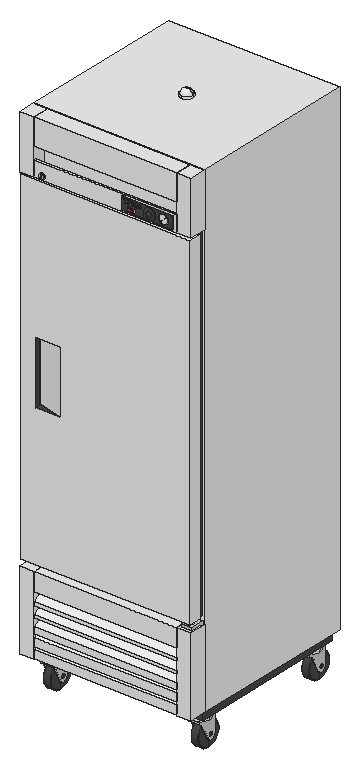
Revit family
Parameters
  Weight = "260 lbs."
  Watts = Volts * FL Amps  # 897 W
  Volts = 115 V
  URL Manufacturer = "www.truemfg.com"
  URL Cutsheet = "www.truemfg.com"
  URL = "www.truemfg.com"
  Type Mark [instance] = ""
  Type Comments = "www.truemfg.com"
  Status [instance] = ""
  Specification by User [instance] = ""
  Specification by Manufacturer = ""
  Show Seismic Flanged [instance] = no
  Show Logo [instance] = yes
  Show Legs [instance] = no
  Show Clearance [instance] = yes
  Show Casters [instance] = and(not(Show Legs), not(Show Seismic Flanged))  # yes
  Serial Number = ""
  Seismic Rating = ""
  Seismic Plate [instance] = and(Show Seismic Flanged, not(Show Casters))  # no
  SMACNA No = ""
  Revision Code [instance] = ""
  Phase = 1
  Omniclass Number and Title = ""
  Number of Poles [instance] = 1
  NAFEM Spec ID Number = ""
  Model = "TH-23"
  Min Ckt Ampacity = 7.8 A
  Max Overcurrent Protection = 10 A
  MasterSpec. = ""
  Manufacturer = "TRUE FOOD SERVICE EQUIPMENT, INC."
  Legs [instance] = or(Show Legs, Show Seismic Flanged)  # no
  Item Number [instance] = ""
  Installed By [instance] = ""
  Identify Quantity as Lot [instance] = yes
  HP = ""
  Furnished By [instance] = ""
  Foodservice Equipment Identifier [instance] = yes
  FL Amps = 7.8 A
  Electrical Remarks [instance] = ""
  Electric Connection Type [instance] = ""
  Elec Conn RI Height [instance] = 0"
  Elec Conn Connection Height [instance] = 0"
  Description = "Reach-In Solid Swing Door Heated Cabinet"
  Cycle = 60 Hz
  Conn Plug NEMA = "NEMA-5-15P"
  Conn Conduit = yes
  CSI MasterFormat = ""
  CSI Master Format = ""
  Body Finish = QF_Finishes_Stainless Steel
  Base Height [instance] = if(Show Casters, 5", 6")  # 5"
  Apparent Power = if(Phase = 3, Volts * FL Amps * 1.73, Volts * FL Amps)  # 897 VA
Reference planes (in)
  plane 1 "BACK": y = 0
  plane 2: z = 0
  plane 3 "LEFT": x = 0
  plane 4 "RIGHT": x = 27
  plane 5 "FRONT": y = -29.5
  plane 6 "Top": z = 83.3125
  plane 7: z = 5
Forms (in)
  Revolve 1, solid, material "QF_Finishes_Black", visible <- "Show Casters"
    sketch origin (-0.14406, -24.48472, -1) x (1, 0, 0) y (0, 0, 1)
      loop
        line (2.62908, 4.89592) -> (2.525, 5) -> (1.475, 5) -> (1.375, 4.9) -> (1.375, 3.25) -> (1.05969, 3.25) -> (1.05969, 3) -> (2.94031, 3) -> (2.94031, 3.25) -> (2.62908, 3.25) -> (2.62908, 4.89592)
      axis (2.94031, 3) -> (1.05969, 3)
    angle from 0 to 360
  Revolve 2, solid, material "QF_Finishes_Black", visible <- "Show Casters"
    sketch origin (-0.14406, -2.56916, -1.70457) x (1, 0, 0) y (0, 0, 1)
      loop
        line (2.62908, 5.6005) -> (2.525, 5.70457) -> (1.475, 5.70457) -> (1.375, 5.60457) -> (1.375, 3.95457) -> (1.05969, 3.95457) -> (1.05969, 3.70457) -> (2.94031, 3.70457) -> (2.94031, 3.95457) -> (2.62908, 3.95457) -> (2.62908, 5.6005)
      axis (2.94031, 3.70457) -> (1.05969, 3.70457)
    angle from 0 to 360
  Revolve 3, solid, material "QF_Finishes_Chrome - Satin", visible <- "Show Casters"
    sketch origin (-0.14203, -25.23418, -2.97972) x (1, 0, 0) y (0, 0, 1)
      loop
        line (2, 7.47972) -> (2, 7.97972) -> (0.70293, 7.97972) -> (0.70293, 7.47972) -> (2, 7.47972)
      axis (2, 7.47972) -> (2, 7.97972)
    angle from 0 to 360
  Extrusion 4, solid, material "QF_Finishes_Handrails and Railings", visible <- "Show Casters"
    sketch origin (-47.92328, 8.23261, -2.74546) x (0, 1, 0) y (0, 0, 1)
      loop
        line (-34.85761, 7.24546) -> (-34.85761, 6.89061) -> (-31.89075, 6.89061) -> (-31.89075, 7.24546) -> (-34.85761, 7.24546)
    from 49.10625 to 50.45625
  Extrusion 5, solid, material "QF_Finishes_Handrails and Railings", visible <- "Show Casters"
    sketch origin (-0.14203, 9.88886, -2.21999) x (0, 1, 0) y (0, 0, 1)
      loop
        line (-36.51386, 6.71999) -> (-36.51386, 6.36514) -> (-36.13864, 6.36514) -> (-34.8897, 3.6891)
        arc (-34.8897, 3.6891) -> (-34.09722, 3.33917) -> (-33.547, 4.0083) r 0.71647
        line (-33.547, 4.0083) -> (-33.547, 6.71999) -> (-36.51386, 6.71999)
    from 1.175 to 1.325
  Extrusion 6, solid, material "QF_Finishes_Handrails and Railings", visible <- "Show Casters"
    sketch origin (3.85797, 9.88886, -2.21999) x (0, 1, 0) y (0, 0, -1)
      loop
        line (-36.51386, -6.71999) -> (-33.547, -6.71999) -> (-33.547, -4.0083)
        arc (-33.547, -4.0083) -> (-34.09722, -3.33917) -> (-34.8897, -3.6891) r 0.71647
        line (-34.8897, -3.6891) -> (-36.13864, -6.36514) -> (-36.51386, -6.36514) -> (-36.51386, -6.71999)
    from 1.175 to 1.325
  Revolve 7, solid, material "QF_Finishes_Black", visible <- "Show Casters"
    sketch origin (27.26906, -24.48472, -1) x (-1, 0, 0) y (0, 0, -1)
      loop
        line (2.62908, -4.89592) -> (2.62908, -3.25) -> (2.94031, -3.25) -> (2.94031, -3) -> (1.05969, -3) -> (1.05969, -3.25) -> (1.375, -3.25) -> (1.375, -4.9) -> (1.475, -5) -> (2.525, -5) -> (2.62908, -4.89592)
      axis (2.94031, -3) -> (1.05969, -3)
    angle from 0 to 360
  Revolve 8, solid, material "QF_Finishes_Black", visible <- "Show Casters"
    sketch origin (27.26906, -2.56916, -1.70457) x (-1, 0, 0) y (0, 0, -1)
      loop
        line (2.62908, -5.6005) -> (2.62908, -3.95457) -> (2.94031, -3.95457) -> (2.94031, -3.70457) -> (1.05969, -3.70457) -> (1.05969, -3.95457) -> (1.375, -3.95457) -> (1.375, -5.60457) -> (1.475, -5.70457) -> (2.525, -5.70457) -> (2.62908, -5.6005)
      axis (2.94031, -3.70457) -> (1.05969, -3.70457)
    angle from 0 to 360
  Extrusion 9, solid, material "QF_Finishes_Handrails and Railings", visible <- "Show Casters"
    sketch origin (27.26703, 9.88886, -2.21999) x (0, 1, 0) y (0, 0, -1)
      loop
        line (-36.51386, -6.71999) -> (-33.547, -6.71999) -> (-33.547, -4.0083)
        arc (-33.547, -4.0083) -> (-34.09722, -3.33917) -> (-34.8897, -3.6891) r 0.71647
        line (-34.8897, -3.6891) -> (-36.13864, -6.36514) -> (-36.51386, -6.36514) -> (-36.51386, -6.71999)
    from 1.175 to 1.325
  Extrusion 10, solid, material "QF_Finishes_Handrails and Railings", visible <- "Show Casters"
    sketch origin (23.26703, 9.88886, -2.21999) x (0, 1, 0) y (0, 0, 1)
      loop
        line (-36.51386, 6.71999) -> (-36.51386, 6.36514) -> (-36.13864, 6.36514) -> (-34.8897, 3.6891)
        arc (-34.8897, 3.6891) -> (-34.09722, 3.33917) -> (-33.547, 4.0083) r 0.71647
        line (-33.547, 4.0083) -> (-33.547, 6.71999) -> (-36.51386, 6.71999)
    from 1.175 to 1.325
  Revolve 11, solid, material "QF_Finishes_Stainless Steel" <- "Body Finish", visible <- "Legs"
    sketch origin (-0.14203, -24.48472, 0) x (1, 0, 0) y (0, 0, 1)
      loop
        line (2, 6) -> (0.68084, 6) -> (1.25, 1) -> (1.5, 1) -> (1.5, 0) -> (2, 0) -> (2, 6)
      axis (2, 0) -> (2, 6)
    angle from 0 to 360
  Revolve 12, solid, material "QF_Finishes_Stainless Steel" <- "Body Finish", visible <- "Legs"
    sketch origin (-0.14203, -2.56916, 0) x (1, 0, 0) y (0, 0, -1)
      loop
        line (2, -6) -> (2, 0) -> (1.5, 0) -> (1.5, -1) -> (1.25, -1) -> (0.68084, -6) -> (2, -6)
      axis (2, 0) -> (2, -6)
    angle from 0 to 360
  Extrusion 13, solid, material "QF_Finishes_Stainless Steel" <- "Body Finish", visible <- "Seismic Plate"
    sketch origin (-1.21118, -0.875, 0) x (1, 0, 0) y (0, 1, 0)
      loop
        circle (3.06916, -1.69416) r 1.5
    from 0 to 0.25
  Extrusion 14, solid, material "QF_Finishes_Stainless Steel" <- "Body Finish", visible <- "Seismic Plate"
    sketch origin (-1.21118, -17.79056, 0) x (1, 0, 0) y (0, 1, 0)
      loop
        circle (3.06916, -6.69416) r 1.5
    from 0 to 0.25
  Revolve 15, solid, material "QF_Finishes_Stainless Steel" <- "Body Finish", visible <- "Legs"
    sketch origin (27.26703, -24.48472, 0) x (-1, 0, 0) y (0, 0, -1)
      loop
        line (2, -6) -> (2, 0) -> (1.5, 0) -> (1.5, -1) -> (1.25, -1) -> (0.68084, -6) -> (2, -6)
      axis (2, 0) -> (2, -6)
    angle from 0 to 360
  Revolve 16, solid, material "QF_Finishes_Stainless Steel" <- "Body Finish", visible <- "Legs"
    sketch origin (27.26703, -2.56916, 0) x (-1, 0, 0) y (0, 0, 1)
      loop
        line (2, 6) -> (0.68084, 6) -> (1.25, 1) -> (1.5, 1) -> (1.5, 0) -> (2, 0) -> (2, 6)
      axis (2, 0) -> (2, 6)
    angle from 0 to 360
  Extrusion 17, solid, material "QF_Finishes_Stainless Steel" <- "Body Finish", visible <- "Seismic Plate"
    sketch origin (28.33618, -0.875, 0) x (-1, 0, 0) y (0, -1, 0)
      loop
        circle (3.06916, 1.69416) r 1.5
    from 0 to 0.25
  Extrusion 18, solid, material "QF_Finishes_Stainless Steel" <- "Body Finish", visible <- "Seismic Plate"
    sketch origin (28.33618, -17.79056, 0) x (-1, 0, 0) y (0, -1, 0)
      loop
        circle (3.06916, 6.69416) r 1.5
    from 0 to 0.25
  Extrusion 19, solid, material "QF_Finishes_Chrome - Satin"
    sketch origin (0, 0, 0) x (1, 0, 0) y (0, 0, 1)
      loop
        circle (6, 12) r 0.25
    from 0 to 0.0625
  Revolve 20, solid, material "QF_Finishes_Chrome - Satin", visible <- "Show Casters"
    sketch origin (-0.14203, -3.31862, -2.97972) x (1, 0, 0) y (0, 0, 1)
      loop
        line (2, 7.47972) -> (2, 7.97972) -> (0.70293, 7.97972) -> (0.70293, 7.47972) -> (2, 7.47972)
      axis (2, 7.47972) -> (2, 7.97972)
    angle from 0 to 360
  Extrusion 21, solid, material "QF_Finishes_Handrails and Railings", visible <- "Show Casters"
    sketch origin (-47.92328, 30.14817, -2.74546) x (0, 1, 0) y (0, 0, 1)
      loop
        line (-34.85761, 7.24546) -> (-34.85761, 6.89061) -> (-31.89075, 6.89061) -> (-31.89075, 7.24546) -> (-34.85761, 7.24546)
    from 49.10625 to 50.45625
  Extrusion 22, solid, material "QF_Finishes_Handrails and Railings", visible <- "Show Casters"
    sketch origin (-0.14203, 31.80442, -2.21999) x (0, 1, 0) y (0, 0, 1)
      loop
        line (-36.51386, 6.71999) -> (-36.51386, 6.36514) -> (-36.13864, 6.36514) -> (-34.8897, 3.6891)
        arc (-34.8897, 3.6891) -> (-34.09722, 3.33917) -> (-33.547, 4.0083) r 0.71647
        line (-33.547, 4.0083) -> (-33.547, 6.71999) -> (-36.51386, 6.71999)
    from 1.175 to 1.325
  Extrusion 23, solid, material "QF_Finishes_Handrails and Railings", visible <- "Show Casters"
    sketch origin (3.85797, 31.80442, -2.21999) x (0, 1, 0) y (0, 0, -1)
      loop
        line (-36.51386, -6.71999) -> (-33.547, -6.71999) -> (-33.547, -4.0083)
        arc (-33.547, -4.0083) -> (-34.09722, -3.33917) -> (-34.8897, -3.6891) r 0.71647
        line (-34.8897, -3.6891) -> (-36.13864, -6.36514) -> (-36.51386, -6.36514) -> (-36.51386, -6.71999)
    from 1.175 to 1.325
  Extrusion 24, solid, material "QF_Finishes_Handrails and Railings", visible <- "Show Casters"
    sketch origin (27.26703, 31.80442, -2.21999) x (0, 1, 0) y (0, 0, -1)
      loop
        line (-36.51386, -6.71999) -> (-33.547, -6.71999) -> (-33.547, -4.0083)
        arc (-33.547, -4.0083) -> (-34.09722, -3.33917) -> (-34.8897, -3.6891) r 0.71647
        line (-34.8897, -3.6891) -> (-36.13864, -6.36514) -> (-36.51386, -6.36514) -> (-36.51386, -6.71999)
    from 1.175 to 1.325
  Extrusion 25, solid, material "QF_Finishes_Handrails and Railings", visible <- "Show Casters"
    sketch origin (23.26703, 31.80442, -2.21999) x (0, 1, 0) y (0, 0, 1)
      loop
        line (-36.51386, 6.71999) -> (-36.51386, 6.36514) -> (-36.13864, 6.36514) -> (-34.8897, 3.6891)
        arc (-34.8897, 3.6891) -> (-34.09722, 3.33917) -> (-33.547, 4.0083) r 0.71647
        line (-33.547, 4.0083) -> (-33.547, 6.71999) -> (-36.51386, 6.71999)
    from 1.175 to 1.325
  Revolve 26, solid, material "QF_Finishes_Chrome - Satin", visible <- "Show Casters"
    sketch origin (27.26703, -25.23418, -2.97972) x (-1, 0, 0) y (0, 0, -1)
      loop
        line (2, -7.47972) -> (0.70293, -7.47972) -> (0.70293, -7.97972) -> (2, -7.97972) -> (2, -7.47972)
      axis (2, -7.47972) -> (2, -7.97972)
    angle from 0 to 360
  Extrusion 27, solid, material "QF_Finishes_Handrails and Railings", visible <- "Show Casters"
    sketch origin (75.04828, 8.23261, -2.74546) x (0, 1, 0) y (0, 0, -1)
      loop
        line (-34.85761, -7.24546) -> (-31.89075, -7.24546) -> (-31.89075, -6.89061) -> (-34.85761, -6.89061) -> (-34.85761, -7.24546)
    from 49.10625 to 50.45625
  Revolve 28, solid, material "QF_Finishes_Chrome - Satin", visible <- "Show Casters"
    sketch origin (27.26703, -3.31862, -2.97972) x (-1, 0, 0) y (0, 0, -1)
      loop
        line (2, -7.47972) -> (0.70293, -7.47972) -> (0.70293, -7.97972) -> (2, -7.97972) -> (2, -7.47972)
      axis (2, -7.47972) -> (2, -7.97972)
    angle from 0 to 360
  Extrusion 29, solid, material "QF_Finishes_Handrails and Railings", visible <- "Show Casters"
    sketch origin (75.04828, 30.14817, -2.74546) x (0, 1, 0) y (0, 0, -1)
      loop
        line (-34.85761, -7.24546) -> (-31.89075, -7.24546) -> (-31.89075, -6.89061) -> (-34.85761, -6.89061) -> (-34.85761, -7.24546)
    from 49.10625 to 50.45625
Cuts and joins
  joined: Extrusion 9, Extrusion 10, Extrusion 27
  joined: Extrusion 24, Extrusion 25, Extrusion 29
  joined: Extrusion 21, Extrusion 22, Extrusion 23
  joined: Extrusion 4, Extrusion 5, Extrusion 6
Lines and regions (in)
  symbolic lines, style "SpecialityEquipmentHiddenLines", visible <- "Show Casters"
    curve 1: line (0.31494, -3.98858, 0) -> (1.40101, -4.61562, 0)
    curve 2: line (2.31494, -0.52448, 0) -> (0.31494, -3.98858, 0)
    curve 3: line (3.40101, -1.15152, 0) -> (2.31494, -0.52448, 0)
    curve 4: line (1.40101, -4.61562, 0) -> (3.40101, -1.15152, 0)
    curve 5: line (23.72399, -3.98858, 0) -> (24.81006, -4.61562, 0)
    curve 6: line (25.72399, -0.52448, 0) -> (23.72399, -3.98858, 0)
    curve 7: line (26.81006, -1.15152, 0) -> (25.72399, -0.52448, 0)
    curve 8: line (24.81006, -4.61562, 0) -> (26.81006, -1.15152, 0)
    curve 9: line (0.31494, -25.90414, 0) -> (1.40101, -26.53118, 0)
    curve 10: line (2.31494, -22.44004, 0) -> (0.31494, -25.90414, 0)
    curve 11: line (3.40101, -23.06708, 0) -> (2.31494, -22.44004, 0)
    curve 12: line (1.40101, -26.53118, 0) -> (3.40101, -23.06708, 0)
    curve 13: line (23.72399, -25.90414, 0) -> (24.81006, -26.53118, 0)
    curve 14: line (25.72399, -22.44004, 0) -> (23.72399, -25.90414, 0)
    curve 15: line (26.81006, -23.06708, 0) -> (25.72399, -22.44004, 0)
    curve 16: line (24.81006, -26.53118, 0) -> (26.81006, -23.06708, 0)
Dimensions and locks (in)
  plane 1 "BACK" to plane 5 "FRONT" = 29 1/2"
  plane 6 "Top" to level = 83 5/16"  (x3)
  plane 5 "FRONT" to plane 1 "BACK" = 29 1/2"  (x2)
  plane 4 "RIGHT" to plane 3 "LEFT" = 27"
  plane 2 to plane 6 "Top" = 83 5/16"
  plane 6 "Top" to plane 7 = 78 5/16"
  plane 3 "LEFT" to plane 4 "RIGHT" = 27"
  "Base Height": plane 7 to level
  locked: Revolve 11 sketch curve to level at 6
  locked: Revolve 12 sketch curve to level at 6
  Revolve 15 sketch curve to Revolve 15 sketch curve to Revolve 15 sketch curve = 5" locked, 1" locked
  Revolve 16 sketch curve to Revolve 16 sketch curve to Revolve 16 sketch curve = 5" locked, 1" locked
  Extrusion 19 sketch curve to Extrusion 19 sketch curve to plane 7 = 1/2" locked, 6 3/4" locked
  aligned and locked: level to plane 2
  aligned: Extrusion 4 to Revolve 3
  aligned: Revolve 3 to Revolve 3
  aligned: plane 7 to Extrusion 5
  aligned: plane 7 to Extrusion 6
  aligned and locked: plane 1 "BACK" to nested 1
  aligned and locked: plane 3 "LEFT" to nested 1
  aligned and locked: nested 1 to plane 7
  aligned and locked: Revolve 3 sketch curve to Revolve 3 sketch curve
  aligned and locked: Revolve 1 sketch curve to Revolve 1 sketch curve
  aligned and locked: Revolve 2 sketch curve to Revolve 2 sketch curve
  aligned and locked: Revolve 20 sketch curve to Revolve 20 sketch curve
  aligned and locked: Revolve 26 sketch curve to Revolve 26 sketch curve
  aligned and locked: Revolve 28 sketch curve to Revolve 28 sketch curve
Automatic sketch dimensions
  plane 3 "LEFT" to Revolve 1 sketch curve = 0.5097"
  Revolve 1 sketch curve to Revolve 1 sketch curve = 0.40592"
  plane 3 "LEFT" to Revolve 1 sketch curve = 1.23094"
  Revolve 1 sketch curve to Revolve 1 sketch curve = 0.1"  (x2)
  Revolve 1 sketch curve to Revolve 1 sketch curve = 0.63788"
  Revolve 1 sketch curve to plane 7 = 1"
  Revolve 1 sketch curve to Revolve 1 sketch curve = 1.05"
  Revolve 1 sketch curve to Revolve 1 sketch curve = 0.6162"
  Revolve 1 sketch curve to Revolve 1 sketch curve = 0.31123"
  Revolve 1 sketch curve to Revolve 1 sketch curve = 0.10408"
  Revolve 1 sketch curve to Revolve 1 sketch curve = 1.65"
  Revolve 1 sketch curve to Revolve 1 sketch curve = 1/4"
  Revolve 1 sketch curve to Revolve 1 sketch curve = 0"
  plane 3 "LEFT" to Revolve 2 sketch curve = 0.5097"
  Revolve 2 sketch curve to Revolve 2 sketch curve = 0.40592"
  plane 3 "LEFT" to Revolve 2 sketch curve = 1.23094"
  Revolve 2 sketch curve to Revolve 2 sketch curve = 0.1"  (x2)
  Revolve 2 sketch curve to Revolve 2 sketch curve = 0.63788"
  Revolve 2 sketch curve to plane 7 = 1"
  Revolve 2 sketch curve to Revolve 2 sketch curve = 1.05"
  Revolve 2 sketch curve to Revolve 2 sketch curve = 0.6162"
  Revolve 2 sketch curve to Revolve 2 sketch curve = 0.31123"
  Revolve 2 sketch curve to Revolve 2 sketch curve = 0.10408"
  Revolve 2 sketch curve to Revolve 2 sketch curve = 1.65"
  Revolve 2 sketch curve to Revolve 2 sketch curve = 1/4"
  Revolve 2 sketch curve to Revolve 2 sketch curve = 0"
  Revolve 3 sketch curve to plane 7 = 0"
  plane 3 "LEFT" to Revolve 3 sketch curve = 0.56091"
  Revolve 3 sketch curve to Revolve 3 sketch curve = 1.29707"
  Revolve 3 sketch curve to plane 7 = 0.0891"
  Revolve 3 sketch curve to plane 7 = 1/2"
  Revolve 3 sketch curve to Revolve 3 sketch curve = 0.0891"
  Extrusion 4 sketch curve to plane 7 = 0.85485"
  Extrusion 4 sketch curve to plane 5 "FRONT" = 2 7/8"
  Extrusion 4 sketch curve to Extrusion 4 sketch curve = 2.96686"
  Extrusion 4 sketch curve to Extrusion 4 sketch curve = 0.35485"
  Extrusion 5 sketch curve to plane 7 = 1/2"
  Extrusion 5 sketch curve to plane 5 "FRONT" = 2 7/8"
  Extrusion 5 sketch curve to Extrusion 5 sketch curve = 0.37522"
  level to Extrusion 5 sketch curve = 1.46911"
  Extrusion 5 sketch curve to Extrusion 5 sketch curve = 1.24895"
  Extrusion 5 sketch curve to Extrusion 5 sketch curve = 0.62677"
  Extrusion 5 sketch curve to Extrusion 5 sketch curve = 2.59164"
  Extrusion 5 sketch curve to Extrusion 5 sketch curve = 0.3192"
  Extrusion 5 sketch curve to Extrusion 5 sketch curve = 0.35485"
  Extrusion 6 sketch curve to plane 7 = 0.85485"
  Extrusion 6 sketch curve to plane 5 "FRONT" = 2 7/8"
  Extrusion 6 sketch curve to Extrusion 6 sketch curve = 0.37522"
  level to Extrusion 6 sketch curve = 1.46911"
  Extrusion 6 sketch curve to Extrusion 6 sketch curve = 1.24895"
  Extrusion 6 sketch curve to Extrusion 6 sketch curve = 0.62677"
  Extrusion 6 sketch curve to Extrusion 6 sketch curve = 0.71593"
  Extrusion 6 sketch curve to plane 7 = 1/2"
  Extrusion 6 sketch curve to Extrusion 6 sketch curve = 0.34712"
  Revolve 7 sketch curve to plane 4 "RIGHT" = 0.3847"
  Revolve 7 sketch curve to Revolve 7 sketch curve = 0.40592"
  Revolve 7 sketch curve to Revolve 7 sketch curve = 0.31531"
  Revolve 7 sketch curve to Revolve 7 sketch curve = 0.1"  (x2)
  Revolve 7 sketch curve to Revolve 7 sketch curve = 0.63788"
  Revolve 7 sketch curve to plane 7 = 1"
  Revolve 7 sketch curve to Revolve 7 sketch curve = 1.05"
  Revolve 7 sketch curve to Revolve 7 sketch curve = 0.6162"
  Revolve 7 sketch curve to Revolve 7 sketch curve = 0.31123"
  Revolve 7 sketch curve to Revolve 7 sketch curve = 0.10408"
  Revolve 7 sketch curve to Revolve 7 sketch curve = 1.64592"
  Revolve 7 sketch curve to Revolve 7 sketch curve = 0"
  Revolve 7 sketch curve to Revolve 7 sketch curve = 1/4"  (x2)
  Revolve 8 sketch curve to plane 4 "RIGHT" = 0.3847"
  Revolve 8 sketch curve to Revolve 8 sketch curve = 0.40592"
  Revolve 8 sketch curve to Revolve 8 sketch curve = 0.31531"
  Revolve 8 sketch curve to Revolve 8 sketch curve = 0.1"  (x2)
  Revolve 8 sketch curve to Revolve 8 sketch curve = 0.63788"
  Revolve 8 sketch curve to plane 7 = 1"
  Revolve 8 sketch curve to Revolve 8 sketch curve = 1.05"
  Revolve 8 sketch curve to Revolve 8 sketch curve = 0.6162"
  Revolve 8 sketch curve to Revolve 8 sketch curve = 0.31123"
  Revolve 8 sketch curve to Revolve 8 sketch curve = 0.10408"
  Revolve 8 sketch curve to Revolve 8 sketch curve = 1.64592"
  Revolve 8 sketch curve to Revolve 8 sketch curve = 0"
  Revolve 8 sketch curve to Revolve 8 sketch curve = 1/4"  (x2)
  Extrusion 9 sketch curve to plane 7 = 0.85485"
  Extrusion 9 sketch curve to plane 5 "FRONT" = 2 7/8"
  Extrusion 9 sketch curve to Extrusion 9 sketch curve = 0.37522"
  level to Extrusion 9 sketch curve = 1.46911"
  Extrusion 9 sketch curve to Extrusion 9 sketch curve = 1.24895"
  Extrusion 9 sketch curve to Extrusion 9 sketch curve = 0.62677"
  Extrusion 9 sketch curve to Extrusion 9 sketch curve = 0.71593"
  Extrusion 9 sketch curve to plane 7 = 1/2"
  Extrusion 9 sketch curve to Extrusion 9 sketch curve = 0.34712"
  Extrusion 10 sketch curve to plane 7 = 0.85485"
  Extrusion 10 sketch curve to plane 5 "FRONT" = 2 7/8"
  Extrusion 10 sketch curve to Extrusion 10 sketch curve = 0.37522"
  level to Extrusion 10 sketch curve = 1.46911"
  Extrusion 10 sketch curve to Extrusion 10 sketch curve = 1.24895"
  Extrusion 10 sketch curve to Extrusion 10 sketch curve = 0.62677"
  Extrusion 10 sketch curve to Extrusion 10 sketch curve = 0.71593"
  Extrusion 10 sketch curve to Extrusion 10 sketch curve = 0.3192"
  Extrusion 10 sketch curve to Extrusion 10 sketch curve = 0.35485"
  Revolve 11 sketch curve to level = 0"
  plane 3 "LEFT" to Revolve 11 sketch curve = 0.53882"
  plane 3 "LEFT" to Revolve 11 sketch curve = 1.10797"
  Revolve 11 sketch curve to Revolve 11 sketch curve = 1/4"
  Revolve 11 sketch curve to Revolve 11 sketch curve = 1/2"
  Revolve 11 sketch curve to Revolve 11 sketch curve = 0"
  level to Revolve 11 sketch curve = 1"
  plane 7 to Revolve 11 sketch curve = 1/2"
  Revolve 11 sketch curve to Revolve 11 sketch curve = 29/32"
  Revolve 12 sketch curve to level = 0"
  plane 3 "LEFT" to Revolve 12 sketch curve = 0.53882"
  plane 3 "LEFT" to Revolve 12 sketch curve = 1.10797"
  Revolve 12 sketch curve to Revolve 12 sketch curve = 1/4"
  Revolve 12 sketch curve to Revolve 12 sketch curve = 1/2"
  Revolve 12 sketch curve to Revolve 12 sketch curve = 0"
  Revolve 12 sketch curve to Revolve 12 sketch curve = 29/32"
  plane 7 to Revolve 12 sketch curve = 1/2"
  level to Revolve 12 sketch curve = 1"
  plane 3 "LEFT" to Extrusion 13 sketch curve = 1.85797"
  plane 1 "BACK" to Extrusion 13 sketch curve = 2.56916"
  plane 3 "LEFT" to Extrusion 14 sketch curve = 1.85797"
  Extrusion 14 sketch curve to plane 5 "FRONT" = 5.01528"
  Revolve 15 sketch curve to level = 0"
  Revolve 15 sketch curve to plane 4 "RIGHT" = 0.41382"
  Revolve 15 sketch curve to plane 4 "RIGHT" = 0.98297"
  Revolve 15 sketch curve to Revolve 15 sketch curve = 1/4"
  Revolve 15 sketch curve to Revolve 15 sketch curve = 1/2"
  Revolve 15 sketch curve to Revolve 15 sketch curve = 0"
  Revolve 15 sketch curve to Revolve 15 sketch curve = 29/32"
  plane 7 to Revolve 15 sketch curve = 1/2"
  Revolve 16 sketch curve to level = 0"
  Revolve 16 sketch curve to plane 4 "RIGHT" = 0.41382"
  Revolve 16 sketch curve to plane 4 "RIGHT" = 0.98297"
  Revolve 16 sketch curve to Revolve 16 sketch curve = 1/4"
  Revolve 16 sketch curve to Revolve 16 sketch curve = 1/2"
  Revolve 16 sketch curve to Revolve 16 sketch curve = 0"
  plane 7 to Revolve 16 sketch curve = 1/2"
  Revolve 16 sketch curve to Revolve 16 sketch curve = 29/32"
  Extrusion 17 sketch curve to plane 4 "RIGHT" = 1.73297"
  plane 1 "BACK" to Extrusion 17 sketch curve = 2.56916"
  Extrusion 18 sketch curve to plane 4 "RIGHT" = 1.73297"
  Extrusion 18 sketch curve to plane 5 "FRONT" = 5.01528"
  plane 3 "LEFT" to Extrusion 19 sketch curve = 6"
  Revolve 20 sketch curve to plane 7 = 0"
  plane 3 "LEFT" to Revolve 20 sketch curve = 0.56091"
  Revolve 20 sketch curve to Revolve 20 sketch curve = 1.29707"
  Revolve 20 sketch curve to plane 7 = 0.0891"
  Revolve 20 sketch curve to plane 7 = 1/2"
  Revolve 20 sketch curve to Revolve 20 sketch curve = 0.0891"
  Extrusion 21 sketch curve to plane 7 = 0.85485"
  plane 1 "BACK" to Extrusion 21 sketch curve = 4.70944"
  plane 1 "BACK" to Extrusion 21 sketch curve = 1.74258"
  Extrusion 21 sketch curve to Extrusion 21 sketch curve = 0.35485"
  Extrusion 22 sketch curve to plane 7 = 1/2"
  plane 1 "BACK" to Extrusion 22 sketch curve = 4.70944"
  Extrusion 22 sketch curve to Extrusion 22 sketch curve = 0.37522"
  level to Extrusion 22 sketch curve = 1.46911"
  Extrusion 22 sketch curve to Extrusion 22 sketch curve = 1.24895"
  Extrusion 22 sketch curve to Extrusion 22 sketch curve = 0.62677"
  plane 1 "BACK" to Extrusion 22 sketch curve = 1.74258"
  Extrusion 22 sketch curve to Extrusion 22 sketch curve = 0.3192"
  Extrusion 22 sketch curve to Extrusion 22 sketch curve = 0.35485"
  Extrusion 23 sketch curve to plane 7 = 0.85485"
  plane 1 "BACK" to Extrusion 23 sketch curve = 4.70944"
  Extrusion 23 sketch curve to Extrusion 23 sketch curve = 0.37522"
  level to Extrusion 23 sketch curve = 1.46911"
  Extrusion 23 sketch curve to Extrusion 23 sketch curve = 1.24895"
  Extrusion 23 sketch curve to Extrusion 23 sketch curve = 0.62677"
  Extrusion 23 sketch curve to Extrusion 23 sketch curve = 0.71593"
  Extrusion 23 sketch curve to plane 7 = 1/2"
  Extrusion 23 sketch curve to Extrusion 23 sketch curve = 0.34712"
  Extrusion 24 sketch curve to plane 7 = 0.85485"
  plane 1 "BACK" to Extrusion 24 sketch curve = 4.70944"
  Extrusion 24 sketch curve to Extrusion 24 sketch curve = 0.37522"
  level to Extrusion 24 sketch curve = 1.46911"
  Extrusion 24 sketch curve to Extrusion 24 sketch curve = 1.24895"
  Extrusion 24 sketch curve to Extrusion 24 sketch curve = 0.62677"
  Extrusion 24 sketch curve to Extrusion 24 sketch curve = 0.71593"
  Extrusion 24 sketch curve to plane 7 = 1/2"
  Extrusion 24 sketch curve to Extrusion 24 sketch curve = 0.34712"
  Extrusion 25 sketch curve to plane 7 = 0.85485"
  plane 1 "BACK" to Extrusion 25 sketch curve = 4.70944"
  Extrusion 25 sketch curve to Extrusion 25 sketch curve = 0.37522"
  level to Extrusion 25 sketch curve = 1.46911"
  Extrusion 25 sketch curve to Extrusion 25 sketch curve = 1.24895"
  Extrusion 25 sketch curve to Extrusion 25 sketch curve = 0.62677"
  Extrusion 25 sketch curve to Extrusion 25 sketch curve = 0.71593"
  Extrusion 25 sketch curve to Extrusion 25 sketch curve = 0.3192"
  Extrusion 25 sketch curve to Extrusion 25 sketch curve = 0.35485"
  Revolve 26 sketch curve to plane 7 = 0"
  Revolve 26 sketch curve to plane 4 "RIGHT" = 0.43591"
  Revolve 26 sketch curve to Revolve 26 sketch curve = 1.29707"
  Revolve 26 sketch curve to plane 7 = 0.0891"
  Revolve 26 sketch curve to Revolve 26 sketch curve = 0.4109"
  Revolve 26 sketch curve to Revolve 26 sketch curve = 0.0891"
  Extrusion 27 sketch curve to plane 7 = 0.85485"
  Extrusion 27 sketch curve to plane 5 "FRONT" = 2 7/8"
  Extrusion 27 sketch curve to Extrusion 27 sketch curve = 2.96686"
  Extrusion 27 sketch curve to Extrusion 27 sketch curve = 0.35485"
  Revolve 28 sketch curve to plane 7 = 0"
  Revolve 28 sketch curve to plane 4 "RIGHT" = 0.43591"
  Revolve 28 sketch curve to Revolve 28 sketch curve = 1.29707"
  Revolve 28 sketch curve to plane 7 = 0.0891"
  Revolve 28 sketch curve to Revolve 28 sketch curve = 0.4109"
  Revolve 28 sketch curve to Revolve 28 sketch curve = 0.0891"
  Extrusion 29 sketch curve to plane 7 = 0.85485"
  plane 1 "BACK" to Extrusion 29 sketch curve = 4.70944"
  plane 1 "BACK" to Extrusion 29 sketch curve = 1.74258"
  Extrusion 29 sketch curve to Extrusion 29 sketch curve = 0.35485"
  plane 3 "LEFT" to curve 1 = 0.31494"
  plane 3 "LEFT" to curve 10 = 0.31494"
  curve 1 to curve 1 = 1.08606"
  curve 9 to curve 9 = 1.08606"
  plane 1 "BACK" to curve 3 = 0.52448"
  plane 3 "LEFT" to curve 3 = 2.31494"
  plane 3 "LEFT" to curve 10 = 2.31494"
  curve 13 to plane 4 "RIGHT" = 3.27601"
  curve 5 to plane 4 "RIGHT" = 3.27601"
  curve 14 to curve 13 = 1.08606"
  curve 5 to curve 8 = 1.08606"
  plane 1 "BACK" to curve 7 = 0.52448"
  curve 7 to plane 4 "RIGHT" = 1.27601"
  curve 14 to plane 4 "RIGHT" = 1.27601"
  plane 1 "BACK" to curve 7 = 1.15152"
  plane 1 "BACK" to curve 4 = 1.15152"
  curve 14 to plane 5 "FRONT" = 7.05996"
  curve 11 to plane 5 "FRONT" = 7.05996"
  curve 16 to curve 14 = 0.62704"
  curve 12 to curve 10 = 0.62704"
  radius of Extrusion 13 sketch curve = 1 1/2"
  radius of Extrusion 14 sketch curve = 1 1/2"
  radius of Extrusion 17 sketch curve = 1 1/2"
  radius of Extrusion 18 sketch curve = 1 1/2"
Nested families (in)
  nested 1: "True_TH-23" at (0, 0, 1.25), Show Logo <- "Show Logo", Show Clearance <- "Show Clearance", type "True_TH-23"
    with Show Logo yes, Show Clearance yes
Connectors (in)
  electrical at (6, 0, 12), driven by "Volts", driven by "Watts"
    settings: on Extrusion 19, index 1, voltage 115 V, apparent load 897 VA, apparent load phase1 0 VA, apparent load phase2 0 VA, apparent load phase3 0 VA, power factor 1, load classification "Other", number of poles 1, system type 30, power factor state 1, is connector primary yes, connector utility no, sub classification motor no, connector description "Electrical Connection"
Definition of nested family "True_TH-23"
  Parameters (values of type "True_TH-23")
    URL = ""
    Type Comments = ""
    Show Logo [instance] = yes
    Show Clearance [instance] = yes
    Model = ""
    Manufacturer = ""
    Description = ""
    Assembly Code = ""
  Reference planes (in)
    plane 1 "BACK": y = 0
    plane 2: z = 0
    plane 3 "LEFT": x = 0
    plane 4 "RIGHT": x = 27
    plane 5 "FRONT": y = -29.5
    plane 6 "Top": z = 82.0625
  Forms (in)
    Extrusion 1, solid, material "QF_Finishes_Chrome - Satin"
      sketch origin (0.05, 0, 0) x (1, 0, 0) y (0, 1, 0)
        loop
          line (-0.05, 0) -> (-0.05, -26.75) -> (26.95, -26.75) -> (26.95, 0) -> (-0.05, 0)
      from 5.125 to 82.0625
    Extrusion 2, solid, material "QF_Finishes_Black"
      sketch origin (0, 0, 0.5) x (1, 0, 0) y (0, 1, 0)
        loop
          line (0.5, -1) -> (0.5, -26.65625) -> (26.625, -26.65625) -> (26.625, -1) -> (0.5, -1)
      from 3.25 to 4.625
    Extrusion 3, solid, material "QF_Finishes_Black"
      sketch origin (0, -5, 0) x (1, 0, 0) y (0, 1, 0)
        loop
          line (0.5, -21.75) -> (0.5, -22.54725) -> (26.625, -22.54725) -> (26.625, -21.75) -> (0.5, -21.75)
      from 18.625 to 73.19565
    Extrusion 4, solid, material "QF_Finishes_Chrome - Satin"
      sketch origin (-25.125, 4.25, -0.71875) x (1, 0, 0) y (0, 0, 1)
        loop
          line (25.21875, 19.34375) -> (52.03125, 19.34375) -> (52.03125, 73.91441) -> (25.21875, 73.91441) -> (25.21875, 19.34375)
      from 31.79725 to 33.75
    Extrusion 5, solid, material "QF_Finishes_Chrome - Satin"
      sketch origin (0, -5, 5.75) x (0, 1, 0) y (0, 0, 1)
        loop
          line (-21.75, -0.62313) -> (-21.75, 11.8125) -> (-24.49666, 11.8125) -> (-24.49666, 8.90149) -> (-22.29246, 10.46875) -> (-22.29246, 9.06818) -> (-24.49666, 7.50091) -> (-24.49666, 7.02971) -> (-22.29246, 8.59697) -> (-22.29246, 7.22996) -> (-24.49666, 5.6627) -> (-24.49666, 5.21649) -> (-22.29246, 6.78375) -> (-22.29246, 5.50523) -> (-24.49666, 3.93797) -> (-24.49666, 2.9375) -> (-22.29246, 4.50476) -> (-22.29246, 4.05855) -> (-24.49666, 2.49129) -> (-24.49666, 1.21277) -> (-22.29246, 2.78003) -> (-22.29246, 2.33382) -> (-24.49666, 0.76656) -> (-24.49666, -0.62313) -> (-21.75, -0.62313)
        loop
          line (-21.75, 76.3125) -> (-24.5, 76.3125) -> (-24.5, 72.1875) -> (-22.5, 71.19565) -> (-22.5, 68.07065) -> (-24.25, 68.07065) -> (-24.25, 70.32065) -> (-24.5, 70.32065) -> (-24.5, 67.82065) -> (-21.75, 67.82065) -> (-21.75, 76.3125)
      from 2.25 to 24.75094
    Extrusion 6, solid, material "QF_Finishes_Handrails and Railings"
      sketch origin (0, -5, 6.25) x (1, 0, 0) y (0, 1, 0)
        loop
          circle (25.92228, -23.28471) r 0.5
      from 11.88262 to 12.375
    Extrusion 7, solid, material "QF_Finishes_Handrails and Railings"
      sketch origin (2.24906, -5, 6.25) x (0, 1, 0) y (0, 0, 1)
        loop
          line (-21.92236, 11.3125) -> (-21.92236, 11.88262) -> (-24.17236, 11.88262) -> (-24.17236, 11.47736) -> (-22.42236, 11.47736) -> (-22.42236, 11.3125) -> (-21.92236, 11.3125)
      from 23.06646 to 24.65563
    Extrusion 8, solid, material "QF_Finishes_Chrome - Satin"
      sketch origin (0, -5, 0) x (1, 0, 0) y (0, 0, 1)
        loop
          line (24.875, 17.5625) -> (24.875, 5.125) -> (27, 5.125) -> (27, 17.5625) -> (24.875, 17.5625)
        loop
          line (0, 17.5625) -> (0, 5.125) -> (2.125, 5.125) -> (2.125, 17.5625) -> (0, 17.5625)
        loop
          line (0, 82.0625) -> (0, 73.57065) -> (2.125, 73.57065) -> (2.125, 82.0625) -> (0, 82.0625)
        loop
          line (24.875, 82.0625) -> (24.875, 73.57065) -> (27, 73.57065) -> (27, 82.0625) -> (24.875, 82.0625)
      from 21.75 to 24.5
    Extrusion 9, solid, material "QF_Finishes_Handrails and Railings"
      sketch origin (0, -5, 61.31303) x (1, 0, 0) y (0, 1, 0)
        loop
          circle (25.92228, -23.28471) r 0.5
      from 11.88262 to 12.25762
    Extrusion 10, solid, material "QF_Finishes_Handrails and Railings"
      sketch origin (0, -5, 3.5625) x (1, 0, 0) y (0, 0, 1)
        loop
          circle (3.51811, 70.59973) r 0.40486
        loop
          line (3.46374, 70.92738) -> (3.46374, 70.26052) -> (3.5845, 70.26052) -> (3.5845, 70.92738) -> (3.46374, 70.92738)
      from 24.5 to 24.68278
    Extrusion 11, void
      sketch origin (24.46875, 4.25, 67.29086) x (0, -1, 0) y (-1, 0, 0)
        loop
          line (33.75, 17.96875) -> (33.75, 21.96875) -> (33.25, 21.96875) -> (33.25, 22.21875) -> (32.56139, 22.21875) -> (33.75, 17.96875)
      from 16.38054 to 26.38054
    Extrusion 12, solid, material "QF_Finishes_Satin Goldenrod", visible <- "Show Logo"
      sketch origin (9.9976, 5.0441, 18.40085) x (1, 0, 0) y (0, -0.000498, 1)
        loop
          line (6.49169, 57.39981) -> (6.44292, 57.29523) -> (7.04834, 57.29523)
          arc (7.04834, 57.29523) -> (7.06151, 57.27195) -> (7.04834, 57.24867) r 0.02717
          line (7.04834, 57.24867) -> (6.87915, 56.88584)
          arc (6.87915, 56.88584) -> (6.87768, 56.85224) -> (6.90041, 56.82744) r 0.04395
          line (6.90041, 56.82744) -> (7.31519, 56.82744)
          arc (7.31519, 56.82744) -> (7.36757, 56.84395) -> (7.401, 56.88752) r 0.09131
          line (7.401, 56.88752) -> (7.53415, 57.17305) -> (7.65648, 57.17305)
          arc (7.65648, 57.17305) -> (7.68857, 57.16125) -> (7.68393, 57.12737) r 0.02728
          line (7.68393, 57.12737) -> (7.57252, 56.88845)
          arc (7.57252, 56.88845) -> (7.57425, 56.84877) -> (7.60774, 56.82744) r 0.04301
          line (7.60774, 56.82744) -> (7.97221, 56.82744)
          arc (7.97221, 56.82744) -> (8.00013, 56.8376) -> (8.01499, 56.86333) r 0.04344
          arc (8.01499, 56.86333) -> (8.02551, 56.83795) -> (8.05089, 56.82744) r 0.0359
          line (8.05089, 56.82744) -> (8.28166, 56.82744)
          arc (8.28166, 56.82744) -> (8.30832, 56.83458) -> (8.32783, 56.85409) r 0.05332
          arc (8.32783, 56.85409) -> (8.33718, 56.83154) -> (8.35974, 56.82219) r 0.0319
          line (8.35974, 56.82219) -> (8.68772, 56.82219)
          arc (8.68772, 56.82219) -> (8.71453, 56.8333) -> (8.72564, 56.86011) r 0.03792
          arc (8.72564, 56.86011) -> (8.75022, 56.83553) -> (8.7838, 56.82654) r 0.06716
          line (8.7838, 56.82654) -> (9.39818, 56.82654) -> (9.46643, 56.94475) -> (8.86225, 56.94475)
          arc (8.86225, 56.94475) -> (8.83821, 56.9953) -> (8.88203, 57.03014) r 0.04499
          line (8.88203, 57.03014) -> (9.08122, 57.03014)
          arc (9.08122, 57.03014) -> (9.12422, 57.04166) -> (9.15569, 57.07313) r 0.08598
          line (9.15569, 57.07313) -> (9.21338, 57.17305)
          arc (9.21338, 57.17305) -> (9.21338, 57.22639) -> (9.16719, 57.25305) r 0.05333
          line (9.16719, 57.25305) -> (8.95696, 57.25305)
          arc (8.95696, 57.25305) -> (8.90337, 57.24395) -> (8.86598, 57.20449) r 0.08587
          line (8.86598, 57.20449) -> (8.76608, 56.99025)
          arc (8.76608, 56.99025) -> (8.73659, 56.95182) -> (8.6904, 56.93726) r 0.08054
          line (8.6904, 56.93726) -> (8.47233, 56.93726)
          arc (8.47233, 56.93726) -> (8.44623, 56.96574) -> (8.44791, 57.00435) r 0.05049
          line (8.44791, 57.00435) -> (8.56389, 57.25305) -> (8.49008, 57.25305) -> (8.36721, 56.98956)
          arc (8.36721, 56.98956) -> (8.34334, 56.95845) -> (8.30593, 56.94665) r 0.06521
          line (8.30593, 56.94665) -> (8.15556, 56.94665)
          arc (8.15556, 56.94665) -> (8.13015, 56.97977) -> (8.1356, 57.02115) r 0.05454
          line (8.1356, 57.02115) -> (8.24374, 57.25305) -> (8.16751, 57.25305) -> (8.04304, 56.98613)
          arc (8.04304, 56.98613) -> (8.01415, 56.95723) -> (7.97468, 56.94665) r 0.07894
          line (7.97468, 56.94665) -> (7.75693, 56.94665)
          arc (7.75693, 56.94665) -> (7.71782, 56.96489) -> (7.71406, 57.00788) r 0.04315
          line (7.71406, 57.00788) -> (7.78564, 57.16137) -> (7.88681, 57.16137)
          arc (7.88681, 57.16137) -> (7.90389, 57.21282) -> (7.94022, 57.25305) r 0.13186
          line (7.94022, 57.25305) -> (7.54485, 57.25305)
          arc (7.54485, 57.25305) -> (7.50092, 57.24331) -> (7.47052, 57.21014) r 0.07483
          line (7.47052, 57.21014) -> (7.36335, 56.98031)
          arc (7.36335, 56.98031) -> (7.33871, 56.95567) -> (7.30505, 56.94665) r 0.06732
          line (7.30505, 56.94665) -> (7.06901, 56.94665)
          arc (7.06901, 56.94665) -> (7.05059, 56.97155) -> (7.0541, 57.00232) r 0.04225
          line (7.0541, 57.00232) -> (7.20984, 57.29523) -> (7.60278, 57.29523) -> (7.65154, 57.39981) -> (7.2586, 57.39981) -> (7.30737, 57.50438) -> (7.16758, 57.50438) -> (7.11882, 57.39981) -> (6.49169, 57.39981)
        loop
          arc (8.93039, 57.15811) -> (8.91338, 57.15355) -> (8.90093, 57.14109) r 0.03403
          line (8.90093, 57.14109) -> (8.8856, 57.09397) -> (9.09894, 57.09397) -> (9.11279, 57.15811) -> (8.93039, 57.15811)
      from 34.76797 to 34.83173
    Extrusion 13, solid, material "QF_Finishes_Black"
      sketch origin (0, -5.13379, 3.65641) x (1, 0, 0) y (0, 0, 1)
        loop
          line (16.35046, 72.29457) -> (16.35046, 70.29457) -> (24.35046, 70.29457) -> (24.35046, 72.29457) -> (16.35046, 72.29457)
        loop
          circle (22.91876, 71.29457) r 0.75
        loop
          line (23.42893, 71.72337) -> (22.43254, 70.81651) -> (23.50101, 71.65129) -> (23.42893, 71.72337)
      from 24.58496 to 24.64746
    Extrusion 14, solid, material "QF_Finishes_Chrome - Satin"
      sketch origin (0, -5.12207, 3.52614) x (1, 0, 0) y (0, 0, 1)
        loop
          circle (22.91876, 71.42484) r 0.75
      from 24.58496 to 24.64746
    Extrusion 15, solid
      sketch origin (0.25, -29.79687, 0.21891) x (1, 0, 0) y (0, 0, 1)
        loop
          line (17.08563, 74.51653) -> (17.08563, 74.01653) -> (18.08563, 74.01653) -> (18.08563, 74.51653) -> (17.08563, 74.51653)
      from 0 to 0.0625
    Extrusion 16, solid, material "QF_Finishes_Red"
      sketch origin (0, 0, 62.65625) x (1, 0, 0) y (0, 1, 0)
        loop
          line (17.41405, -29.85937) -> (18.23056, -30.06296) -> (18.29265, -29.85937) -> (17.41405, -29.85937)
      from 11.63861 to 12
    Revolve 17, solid, material "QF_Finishes_Black"
      sketch origin (20.75, 0, 0.09391) x (0, 1, 0) y (0, 0, 1)
        loop
          line (-29.71347, 74.7964) -> (-29.71347, 75.68937) -> (-29.81624, 75.68937) -> (-29.98305, 75.25289) -> (-30.53125, 75.15623) -> (-30.53125, 74.7964) -> (-29.71347, 74.7964)
        axis (-29.71347, 74.7964) -> (-30.53125, 74.7964)
      angle from 0 to 360
    Extrusion 18, solid, material "QF_Finishes_Door Clearance", visible <- "Show Clearance", detail levels coarse
      sketch origin (11.49319, -22.76419, 0) x (-1, 0, 0) y (0, -1, 0)
        loop
          line (-15.41306, 33.54831) -> (-15.41306, 6.73581) -> (11.39944, 6.73581)
          arc (11.39944, 6.73581) -> (3.54624, 25.69511) -> (-15.41306, 33.54831) r 26.8125
      from 18.625 to 73.19565
    Revolve 19, solid, material "QF_Finishes_Chrome - Satin"
      sketch origin (0, -13.375, 0) x (1, 0, 0) y (0, 0, 1)
        loop
          line (13.5, 82.0625) -> (14.5, 82.0625) -> (14.5, 82.3125) -> (14.3125, 82.3125)
          arc (14.3125, 82.3125) -> (14.05382, 82.84736) -> (13.5, 83.0625) r 0.81126
          line (13.5, 83.0625) -> (13.5, 82.0625)
        axis (13.5, 82.0625) -> (13.5, 83.0625)
      angle from 0 to 360
  Cuts and joins
    Extrusion 11 cuts Extrusion 4
    Extrusion 11 cuts Extrusion 5
    Extrusion 11 cuts Extrusion 8
  Lines and regions (in)
    symbolic lines
      curve 1: line (0, 0, 0) -> (27, 0, 0)
      curve 2: line (0, -29.5, 0) -> (0, 0, 0)
      curve 3: line (27, -29.5, 0) -> (0, -29.5, 0)
      curve 4: line (27, 0, 0) -> (27, -29.5, 0)
      curve 5: line (27, -26.75, 0) -> (0, -26.75, 0)
      curve 8: arc (14.5, -13.375, 0) -> (13.5, -12.375, 0) -> (12.5, -13.375, 0) r 1
      curve 9: arc (12.5, -13.375, 0) -> (13.5, -14.375, 0) -> (14.5, -13.375, 0) r 1
    symbolic lines, style "QF-Door Swings", visible <- "Show Clearance", detail levels coarse
      curve 6: arc (26.90625, -56.3125, 0) -> (7.94695, -48.4593, 0) -> (0.09375, -29.5, 0) r 26.8125
      curve 7: line (26.90625, -29.5, 0) -> (26.90625, -56.3125, 0)
  Dimensions and locks (in)
    plane 1 "BACK" to plane 5 "FRONT" = 29 1/2"
    plane 6 "Top" to level = 82 1/16"  (x2)
    plane 5 "FRONT" to plane 1 "BACK" = 29 1/2"  (x2)
    plane 4 "RIGHT" to plane 3 "LEFT" = 27"  (x2)
    plane 2 to plane 6 "Top" = 82 1/16"
    plane 6 "Top" to Extrusion 2 = 76 15/16"
    equal spacing: Extrusion 13 sketch curve, Extrusion 13 sketch curve, Extrusion 13 sketch curve, locked at 1 each
    locked: Extrusion 13 sketch curve to Extrusion 13 sketch curve at 8
    cut or joined group of Extrusion 4, Extrusion 11 to Extrusion 18 = 26 13/16"
    aligned and locked: level to plane 2
    aligned: cut or joined group of Extrusion 4, Extrusion 11 to Extrusion 3
    aligned and locked: Extrusion 18 to cut or joined group of Extrusion 4, Extrusion 11  (x2)
